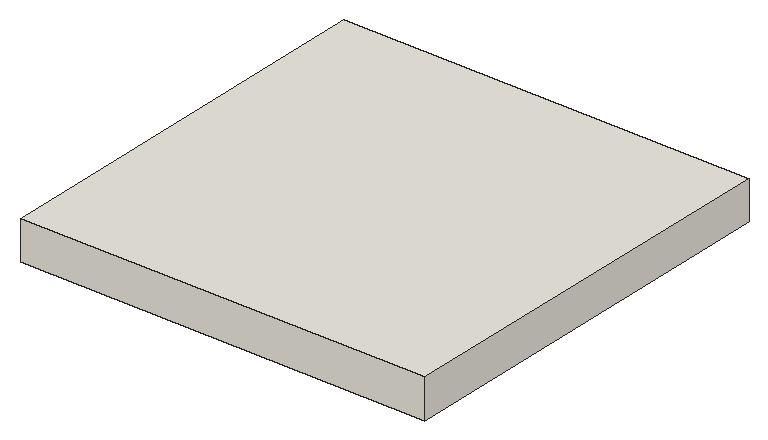
Revit family "UNIVERSAL", category Осветительные приборы, Revit 2019 (continued)
Types (12, lengths in mm): name | Файл фотометрической сетки | built-in parameter 1150105 | Lumens | built-in parameter 1150106 | built-in parameter 1150142 | Wattage | Emit from Rectangle Width | Emit from Rectangle Length | Длина | Ширина | ADSK_Ток | ADSK_Полная мощность | ADSK_Обозначение | ADSK_Номинальная мощность | ADSK_Наименование | ADSK_Код изделия
  CSVT Universal - 38/opal-sand 295х1195х55 (IP20, 4000К) с БАП на 1 час | "Светильник UNIVERSAL-38 OPAL-SAND-(295x1195).IES" | 262.61 (stored number, unit not read) | 3300 lm | 2.6261 (stored number, unit not read) | "IESNA:LM-63-95\r\n[TEST] Протокол № 50-12 \r\n[DATA] 20.06.2016\r\n[MORE] \r\n[MANUFAC] ЗАО \"Центрстройсвет\"\r\n[LUMCAT]  Светильник ALUMOGIPS-38/OPAL-SAND-(610x610)\r\n[LUMINAIRE]\r\n[LAMPCAT] Светодиоды\r\n[LAMP] Поток источника света (светодиодов) не известен\r\n[MORE] КСС приведена в абсолютных величинах кд\r\n[MORE] Вместо потока лампы, указан поток светильника.\r\nTILT=NONE\r\n1    3750 1.0 37 73 1 2 0.61 0.61 0.04\r\n1.0 1.0 38.7\r\n0.0 5.0 10.0 15.0 20.0 25.0 30.0 35.0 40.0 45.0 50.0 55.0 60.0 65.0 70.0 75.0 80.0 85.0 90.0 95.0 100.0 105.0 110.0 115.0 120.0 125.0 130.0 135.0 140.0 145.0 150.0 155.0 160.0 165.0 170.0 175.0 180.0\r\n0.0 5.0 10.0 15.0 20.0 25.0 30.0 35.0 40.0 45.0 50.0 55.0 60.0 65.0 70.0 75.0 80.0 85.0 90.0 95.0 100.0 105.0 110.0 115.0 120.0 125.0 130.0 135.0 140.0 145.0 150.0 155.0 160.0 165.0 170.0 175.0 180.0 185.0 190.0 195.0 200.0 205.0 210.0 215.0 220.0 225.0 230.0 235.0 240.0 245.0 250.0 255.0 260.0 265.0 270.0 275.0 280.0 285.0 290.0 295.0 300.0 305.0 310.0 315.0 320.0 325.0 330.0 335.0 340.0 345.0 350.0 355.0 360.0\r\n1391.4 1390.6 1365.7 1330.6 1277.5 1214.9 1147.5 1059.6 967.6 873.2 772.4 664.9 556.3 449.1 342.7 240.6 147.1 64.2 4.7 0.0 0.0 0.0 0.0 0.0 0.0 0.0 0.0 0.0 0.0 0.0 0.0 0.0 0.0 0.0 0.0 0.0 0.0\r\n1391.4 1390.5 1367.8 1332.7 1284.3 1221.3 1147.0 1062.1 969.2 872.4 773.2 666.3 557.1 450.1 343.8 241.9 146.9 64.7 5.2 0.0 0.0 0.0 0.0 0.0 0.0 0.0 0.0 0.0 0.0 0.0 0.0 0.0 0.0 0.0 0.0 0.0 0.0\r\n1391.4 1390.2 1372.0 1333.3 1277.3 1216.8 1144.5 1057.4 969.6 875.1 773.8 669.5 560.0 454.6 345.8 242.4 148.5 65.8 5.4 0.0 0.0 0.0 0.0 0.0 0.0 0.0 0.0 0.0 0.0 0.0 0.0 0.0 0.0 0.0 0.0 0.0 0.0\r\n1391.4 1389.8 1371.2 1330.7 1279.5 1220.5 1148.3 1059.9 967.7 873.2 767.5 666.8 561.4 453.0 347.1 243.7 149.9 65.6 5.8 0.0 0.0 0.0 0.0 0.0 0.0 0.0 0.0 0.0 0.0 0.0 0.0 0.0 0.0 0.0 0.0 0.0 0.0\r\n1391.4 1389.8 1368.3 1329.3 1285.0 1214.6 1141.1 1058.7 971.8 871.3 775.2 666.9 559.4 452.6 345.8 242.5 150.0 65.8 6.1 0.0 0.0 0.0 0.0 0.0 0.0 0.0 0.0 0.0 0.0 0.0 0.0 0.0 0.0 0.0 0.0 0.0 0.0\r\n1391.4 1390.5 1367.3 1332.3 1281.7 1219.0 1142.8 1064.6 970.5 874.4 772.1 667.5 560.2 453.0 346.2 241.8 149.4 65.7 5.6 0.0 0.0 0.0 0.0 0.0 0.0 0.0 0.0 0.0 0.0 0.0 0.0 0.0 0.0 0.0 0.0 0.0 0.0\r\n1391.4 1391.4 1368.1 1333.5 1277.3 1215.7 1139.0 1059.6 968.1 872.4 771.6 667.4 558.8 453.3 344.3 243.9 148.4 65.7 5.4 0.0 0.0 0.0 0.0 0.0 0.0 0.0 0.0 0.0 0.0 0.0 0.0 0.0 0.0 0.0 0.0 0.0 0.0\r\n1391.4 1391.7 1368.1 1330.4 1278.2 1213.9 1142.4 1061.6 967.4 875.1 772.0 669.3 561.1 452.5 345.2 242.1 148.3 65.4 5.5 0.0 0.0 0.0 0.0 0.0 0.0 0.0 0.0 0.0 0.0 0.0 0.0 0.0 0.0 0.0 0.0 0.0 0.0\r\n1391.4 1391.5 1371.0 1328.4 1278.5 1216.7 1142.1 1061.2 971.8 874.7 772.1 668.9 560.8 452.9 345.4 243.3 147.7 66.0 5.4 0.0 0.0 0.0 0.0 0.0 0.0 0.0 0.0 0.0 0.0 0.0 0.0 0.0 0.0 0.0 0.0 0.0 0.0\r\n1391.4 1391.5 1373.2 1330.5 1277.3 1215.5 1143.2 1063.6 967.0 872.7 772.2 669.4 558.9 453.2 346.6 241.9 148.1 65.2 5.5 0.0 0.0 0.0 0.0 0.0 0.0 0.0 0.0 0.0 0.0 0.0 0.0 0.0 0.0 0.0 0.0 0.0 0.0\r\n1391.4 1391.4 1369.7 1328.3 1281.3 1216.0 1139.8 1057.9 968.7 875.3 773.9 667.6 561.8 454.0 344.0 243.1 147.2 65.6 5.5 0.0 0.0 0.0 0.0 0.0 0.0 0.0 0.0 0.0 0.0 0.0 0.0 0.0 0.0 0.0 0.0 0.0 0.0\r\n1391.4 1390.5 1367.9 1330.1 1278.1 1218.1 1138.9 1061.0 970.0 871.8 770.4 669.3 560.2 453.4 346.9 242.1 148.3 65.2 5.2 0.0 0.0 0.0 0.0 0.0 0.0 0.0 0.0 0.0 0.0 0.0 0.0 0.0 0.0 0.0 0.0 0.0 0.0\r\n1391.4 1389.3 1368.2 1329.1 1280.8 1214.4 1142.5 1059.2 967.2 874.3 772.4 668.0 563.1 452.3 345.7 242.8 146.8 64.9 5.1 0.0 0.0 0.0 0.0 0.0 0.0 0.0 0.0 0.0 0.0 0.0 0.0 0.0 0.0 0.0 0.0 0.0 0.0\r\n1391.4 1388.6 1367.4 1327.8 1278.0 1215.7 1141.0 1061.0 971.5 877.3 771.2 667.3 561.5 453.0 346.4 242.4 146.3 64.8 5.2 0.0 0.0 0.0 0.0 0.0 0.0 0.0 0.0 0.0 0.0 0.0 0.0 0.0 0.0 0.0 0.0 0.0 0.0\r\n1391.4 1388.0 1367.6 1326.7 1278.3 1218.0 1140.9 1061.5 968.4 873.4 770.1 666.6 562.1 454.6 344.8 241.8 146.4 64.0 5.5 0.0 0.0 0.0 0.0 0.0 0.0 0.0 0.0 0.0 0.0 0.0 0.0 0.0 0.0 0.0 0.0 0.0 0.0\r\n1391.4 1387.2 1366.1 1331.0 1281.4 1216.3 1142.7 1059.1 969.4 871.5 772.2 667.3 560.5 453.0 344.4 242.2 146.4 63.8 5.6 0.0 0.0 0.0 0.0 0.0 0.0 0.0 0.0 0.0 0.0 0.0 0.0 0.0 0.0 0.0 0.0 0.0 0.0\r\n1391.4 1387.1 1366.3 1328.7 1276.9 1214.5 1141.2 1059.3 968.4 874.3 775.5 668.3 562.5 454.9 346.4 241.3 146.2 63.5 5.7 0.0 0.0 0.0 0.0 0.0 0.0 0.0 0.0 0.0 0.0 0.0 0.0 0.0 0.0 0.0 0.0 0.0 0.0\r\n1391.4 1388.4 1366.0 1329.7 1279.2 1217.9 1140.0 1060.5 969.0 873.9 772.0 671.3 560.4 453.2 343.7 241.7 145.8 63.7 5.4 0.0 0.0 0.0 0.0 0.0 0.0 0.0 0.0 0.0 0.0 0.0 0.0 0.0 0.0 0.0 0.0 0.0 0.0\r\n1391.4 1389.6 1367.7 1329.3 1277.2 1211.1 1140.1 1061.0 971.0 871.2 769.2 669.1 561.5 453.1 343.3 241.9 145.8 63.4 5.2 0.0 0.0 0.0 0.0 0.0 0.0 0.0 0.0 0.0 0.0 0.0 0.0 0.0 0.0 0.0 0.0 0.0 0.0\r\n1391.4 1388.8 1366.9 1327.1 1279.4 1214.2 1142.5 1056.4 970.7 870.3 771.0 665.1 560.4 453.3 343.8 241.1 145.7 63.4 5.2 0.0 0.0 0.0 0.0 0.0 0.0 0.0 0.0 0.0 0.0 0.0 0.0 0.0 0.0 0.0 0.0 0.0 0.0\r\n1391.4 1387.2 1365.8 1328.9 1276.6 1210.2 1141.4 1059.3 966.6 871.4 770.5 667.4 559.2 451.4 344.2 241.0 145.6 63.2 5.1 0.0 0.0 0.0 0.0 0.0 0.0 0.0 0.0 0.0 0.0 0.0 0.0 0.0 0.0 0.0 0.0 0.0 0.0\r\n1391.4 1386.8 1364.4 1329.8 1279.4 1213.7 1144.0 1059.0 965.3 873.7 768.8 668.9 559.4 449.5 342.6 241.5 144.6 63.4 5.0 0.0 0.0 0.0 0.0 0.0 0.0 0.0 0.0 0.0 0.0 0.0 0.0 0.0 0.0 0.0 0.0 0.0 0.0\r\n1391.4 1388.1 1365.8 1328.1 1273.8 1213.4 1137.9 1059.2 967.3 869.2 769.3 667.7 558.4 451.4 344.0 240.6 145.7 63.4 4.9 0.0 0.0 0.0 0.0 0.0 0.0 0.0 0.0 0.0 0.0 0.0 0.0 0.0 0.0 0.0 0.0 0.0 0.0\r\n1391.4 1389.2 1364.4 1323.2 1276.3 1213.8 1137.6 1055.3 963.1 871.0 767.7 664.1 559.7 447.1 342.4 240.1 145.2 63.9 5.1 0.0 0.0 0.0 0.0 0.0 0.0 0.0 0.0 0.0 0.0 0.0 0.0 0.0 0.0 0.0 0.0 0.0 0.0\r\n1391.4 1388.4 1362.3 1326.8 1274.4 1212.2 1137.9 1054.7 966.7 867.9 768.7 663.4 557.3 449.2 343.3 240.0 145.7 63.6 5.0 0.0 0.0 0.0 0.0 0.0 0.0 0.0 0.0 0.0 0.0 0.0 0.0 0.0 0.0 0.0 0.0 0.0 0.0\r\n1391.4 1386.2 1361.8 1326.5 1273.3 1211.2 1134.5 1048.6 964.3 866.3 767.8 662.9 556.7 449.5 341.9 239.8 145.7 63.7 5.0 0.0 0.0 0.0 0.0 0.0 0.0 0.0 0.0 0.0 0.0 0.0 0.0 0.0 0.0 0.0 0.0 0.0 0.0\r\n1391.4 1384.4 1363.5 1324.4 1272.0 1209.5 1137.2 1053.0 960.2 867.5 767.9 662.7 556.7 449.2 342.5 239.1 146.2 63.8 4.8 0.0 0.0 0.0 0.0 0.0 0.0 0.0 0.0 0.0 0.0 0.0 0.0 0.0 0.0 0.0 0.0 0.0 0.0\r\n1391.4 1383.7 1362.4 1324.4 1274.0 1209.5 1134.4 1050.1 965.4 864.9 764.6 662.3 556.6 447.9 340.5 240.3 145.5 64.6 4.6 0.0 0.0 0.0 0.0 0.0 0.0 0.0 0.0 0.0 0.0 0.0 0.0 0.0 0.0 0.0 0.0 0.0 0.0\r\n1391.4 1384.4 1361.9 1326.9 1270.2 1207.3 1132.7 1050.1 959.7 867.7 763.1 662.2 555.0 447.3 343.0 238.3 145.8 63.9 4.7 0.0 0.0 0.0 0.0 0.0 0.0 0.0 0.0 0.0 0.0 0.0 0.0 0.0 0.0 0.0 0.0 0.0 0.0\r\n1391.4 1385.1 1363.0 1320.0 1270.4 1207.9 1134.4 1055.0 963.5 867.3 766.7 660.7 555.9 450.1 342.6 240.2 145.9 64.3 4.9 0.0 0.0 0.0 0.0 0.0 0.0 0.0 0.0 0.0 0.0 0.0 0.0 0.0 0.0 0.0 0.0 0.0 0.0\r\n1391.4 1384.9 1362.3 1321.4 1273.1 1208.0 1135.4 1052.3 961.9 865.0 764.0 660.8 553.5 447.6 341.2 240.3 146.1 63.8 4.8 0.0 0.0 0.0 0.0 0.0 0.0 0.0 0.0 0.0 0.0 0.0 0.0 0.0 0.0 0.0 0.0 0.0 0.0\r\n1391.4 1383.8 1361.2 1322.1 1265.1 1211.5 1132.8 1049.3 961.3 863.4 764.0 661.0 550.7 447.9 341.0 240.1 146.2 63.8 4.6 0.0 0.0 0.0 0.0 0.0 0.0 0.0 0.0 0.0 0.0 0.0 0.0 0.0 0.0 0.0 0.0 0.0 0.0\r\n1391.4 1382.8 1359.3 1321.5 1269.3 1206.8 1132.8 1051.1 958.3 863.2 763.1 662.7 553.4 448.0 340.4 240.0 145.8 63.8 4.0 0.0 0.0 0.0 0.0 0.0 0.0 0.0 0.0 0.0 0.0 0.0 0.0 0.0 0.0 0.0 0.0 0.0 0.0\r\n1391.4 1382.6 1359.0 1319.6 1268.1 1204.3 1129.8 1049.0 957.7 861.8 761.7 658.4 554.2 446.1 340.4 239.0 145.6 63.8 3.8 0.0 0.0 0.0 0.0 0.0 0.0 0.0 0.0 0.0 0.0 0.0 0.0 0.0 0.0 0.0 0.0 0.0 0.0\r\n1391.4 1382.8 1358.5 1315.8 1266.5 1202.1 1128.5 1049.2 957.6 860.0 762.1 658.2 549.9 443.8 339.6 238.4 145.7 63.6 3.7 0.0 0.0 0.0 0.0 0.0 0.0 0.0 0.0 0.0 0.0 0.0 0.0 0.0 0.0 0.0 0.0 0.0 0.0\r\n1391.4 1382.2 1360.5 1319.2 1265.9 1204.5 1129.9 1046.9 955.0 862.9 758.9 657.9 552.5 444.9 338.9 238.8 145.3 63.6 3.3 0.0 0.0 0.0 0.0 0.0 0.0 0.0 0.0 0.0 0.0 0.0 0.0 0.0 0.0 0.0 0.0 0.0 0.0\r\n1391.4 1381.1 1361.2 1321.0 1268.1 1203.8 1128.8 1047.4 955.6 863.7 761.1 656.4 551.5 445.2 339.2 238.5 144.7 62.5 3.5 0.0 0.0 0.0 0.0 0.0 0.0 0.0 0.0 0.0 0.0 0.0 0.0 0.0 0.0 0.0 0.0 0.0 0.0\r\n1391.4 1380.6 1359.0 1316.4 1268.5 1204.0 1126.1 1049.5 956.2 859.6 759.7 656.5 549.2 444.3 338.4 236.1 143.8 61.6 3.2 0.0 0.0 0.0 0.0 0.0 0.0 0.0 0.0 0.0 0.0 0.0 0.0 0.0 0.0 0.0 0.0 0.0 0.0\r\n1391.4 1380.7 1356.6 1316.0 1267.0 1205.6 1130.3 1044.8 956.9 856.7 759.3 653.5 548.1 441.9 335.3 235.4 141.4 60.3 2.9 0.0 0.0 0.0 0.0 0.0 0.0 0.0 0.0 0.0 0.0 0.0 0.0 0.0 0.0 0.0 0.0 0.0 0.0\r\n1391.4 1380.4 1354.4 1317.9 1268.8 1199.0 1129.0 1044.0 956.9 860.6 758.3 656.9 549.1 442.0 334.4 236.1 141.7 60.5 2.6 0.0 0.0 0.0 0.0 0.0 0.0 0.0 0.0 0.0 0.0 0.0 0.0 0.0 0.0 0.0 0.0 0.0 0.0\r\n1391.4 1380.1 1356.7 1322.1 1264.6 1201.7 1129.9 1047.4 957.2 859.7 758.2 656.1 549.4 442.8 335.3 235.8 141.3 60.6 2.3 0.0 0.0 0.0 0.0 0.0 0.0 0.0 0.0 0.0 0.0 0.0 0.0 0.0 0.0 0.0 0.0 0.0 0.0\r\n1391.4 1379.9 1357.3 1317.5 1265.9 1207.8 1129.2 1046.5 955.7 860.2 758.6 656.9 550.7 441.9 335.4 233.9 140.6 60.2 2.4 0.0 0.0 0.0 0.0 0.0 0.0 0.0 0.0 0.0 0.0 0.0 0.0 0.0 0.0 0.0 0.0 0.0 0.0\r\n1391.4 1379.2 1355.5 1314.6 1269.3 1203.7 1133.5 1044.8 957.2 857.9 762.0 656.6 548.7 440.4 335.9 234.5 140.4 59.8 2.8 0.0 0.0 0.0 0.0 0.0 0.0 0.0 0.0 0.0 0.0 0.0 0.0 0.0 0.0 0.0 0.0 0.0 0.0\r\n1391.4 1377.9 1357.1 1319.2 1271.9 1204.4 1128.6 1050.2 953.1 856.9 757.6 653.7 548.9 439.9 335.4 232.4 140.5 59.2 3.0 0.0 0.0 0.0 0.0 0.0 0.0 0.0 0.0 0.0 0.0 0.0 0.0 0.0 0.0 0.0 0.0 0.0 0.0\r\n1391.4 1377.2 1356.3 1322.9 1266.0 1204.8 1132.2 1049.0 958.1 859.3 759.0 654.6 547.0 441.6 334.9 232.1 139.3 58.8 2.9 0.0 0.0 0.0 0.0 0.0 0.0 0.0 0.0 0.0 0.0 0.0 0.0 0.0 0.0 0.0 0.0 0.0 0.0\r\n1391.4 1377.8 1353.8 1319.7 1269.6 1207.9 1135.8 1049.5 955.8 858.0 762.4 655.9 548.2 441.6 335.6 231.7 139.4 58.8 2.8 0.0 0.0 0.0 0.0 0.0 0.0 0.0 0.0 0.0 0.0 0.0 0.0 0.0 0.0 0.0 0.0 0.0 0.0\r\n1391.4 1378.5 1355.2 1319.8 1267.3 1206.5 1131.2 1046.1 954.6 861.2 756.6 653.8 548.1 440.3 335.0 232.6 138.6 59.0 2.9 0.0 0.0 0.0 0.0 0.0 0.0 0.0 0.0 0.0 0.0 0.0 0.0 0.0 0.0 0.0 0.0 0.0 0.0\r\n1391.4 1378.6 1355.1 1318.3 1269.7 1200.8 1133.1 1049.0 957.6 862.5 762.4 656.9 549.3 443.5 334.7 231.2 138.8 58.1 3.0 0.0 0.0 0.0 0.0 0.0 0.0 0.0 0.0 0.0 0.0 0.0 0.0 0.0 0.0 0.0 0.0 0.0 0.0\r\n1391.4 1378.8 1355.8 1321.7 1268.8 1210.0 1129.0 1048.5 958.8 862.4 762.2 656.4 549.0 441.1 335.4 231.5 138.5 58.1 3.0 0.0 0.0 0.0 0.0 0.0 0.0 0.0 0.0 0.0 0.0 0.0 0.0 0.0 0.0 0.0 0.0 0.0 0.0\r\n1391.4 1379.6 1357.6 1321.7 1269.0 1207.1 1133.9 1047.0 964.1 863.3 761.9 656.4 551.5 440.7 334.9 232.2 137.6 58.1 2.8 0.0 0.0 0.0 0.0 0.0 0.0 0.0 0.0 0.0 0.0 0.0 0.0 0.0 0.0 0.0 0.0 0.0 0.0\r\n1391.4 1380.6 1357.7 1319.2 1272.0 1207.5 1131.3 1054.6 959.0 863.3 764.8 655.9 549.1 443.0 335.1 231.3 138.0 58.1 2.7 0.0 0.0 0.0 0.0 0.0 0.0 0.0 0.0 0.0 0.0 0.0 0.0 0.0 0.0 0.0 0.0 0.0 0.0\r\n1391.4 1381.5 1358.5 1321.9 1271.0 1204.1 1135.9 1055.8 962.5 865.5 761.1 656.9 550.6 442.0 335.3 231.9 137.4 57.9 2.6 0.0 0.0 0.0 0.0 0.0 0.0 0.0 0.0 0.0 0.0 0.0 0.0 0.0 0.0 0.0 0.0 0.0 0.0\r\n1391.4 1381.3 1358.5 1322.3 1270.8 1207.2 1133.7 1051.9 958.0 867.3 767.5 657.0 552.1 442.3 333.6 231.2 137.9 57.8 2.6 0.0 0.0 0.0 0.0 0.0 0.0 0.0 0.0 0.0 0.0 0.0 0.0 0.0 0.0 0.0 0.0 0.0 0.0\r\n1391.4 1380.6 1359.4 1319.7 1270.6 1209.0 1133.0 1052.1 963.9 867.5 764.1 660.0 554.0 443.3 334.8 231.7 137.6 57.8 2.7 0.0 0.0 0.0 0.0 0.0 0.0 0.0 0.0 0.0 0.0 0.0 0.0 0.0 0.0 0.0 0.0 0.0 0.0\r\n1391.4 1381.3 1359.9 1321.3 1270.6 1204.8 1135.0 1051.3 962.1 865.5 761.7 660.3 553.1 443.5 334.1 231.9 137.9 57.8 2.8 0.0 0.0 0.0 0.0 0.0 0.0 0.0 0.0 0.0 0.0 0.0 0.0 0.0 0.0 0.0 0.0 0.0 0.0\r\n1391.4 1383.1 1362.1 1324.8 1273.8 1208.7 1134.8 1055.9 961.8 866.4 762.3 659.7 552.4 443.7 334.4 232.8 138.0 58.0 2.8 0.0 0.0 0.0 0.0 0.0 0.0 0.0 0.0 0.0 0.0 0.0 0.0 0.0 0.0 0.0 0.0 0.0 0.0\r\n1391.4 1384.6 1360.4 1321.7 1272.0 1210.6 1130.9 1052.5 963.1 866.7 767.4 659.3 553.7 444.6 335.4 233.1 138.3 58.0 2.8 0.0 0.0 0.0 0.0 0.0 0.0 0.0 0.0 0.0 0.0 0.0 0.0 0.0 0.0 0.0 0.0 0.0 0.0\r\n1391.4 1385.6 1357.5 1324.7 1273.9 1211.6 1134.3 1052.7 963.6 865.4 763.1 658.7 552.2 444.9 336.9 232.8 138.8 58.6 2.9 0.0 0.0 0.0 0.0 0.0 0.0 0.0 0.0 0.0 0.0 0.0 0.0 0.0 0.0 0.0 0.0 0.0 0.0\r\n1391.4 1386.4 1357.8 1323.4 1273.2 1212.2 1136.3 1054.7 967.5 867.5 764.0 659.4 553.3 443.7 336.8 233.2 138.9 58.5 3.1 0.0 0.0 0.0 0.0 0.0 0.0 0.0 0.0 0.0 0.0 0.0 0.0 0.0 0.0 0.0 0.0 0.0 0.0\r\n1391.4 1386.6 1362.0 1324.9 1273.2 1211.3 1139.0 1049.9 960.3 866.4 768.0 661.3 552.2 443.4 336.3 233.4 139.8 58.9 3.1 0.0 0.0 0.0 0.0 0.0 0.0 0.0 0.0 0.0 0.0 0.0 0.0 0.0 0.0 0.0 0.0 0.0 0.0\r\n1391.4 1386.0 1360.5 1326.0 1271.8 1212.0 1137.2 1059.3 963.5 867.6 766.9 661.2 552.3 445.8 337.8 233.6 141.0 59.2 3.3 0.0 0.0 0.0 0.0 0.0 0.0 0.0 0.0 0.0 0.0 0.0 0.0 0.0 0.0 0.0 0.0 0.0 0.0\r\n1391.4 1385.0 1362.3 1325.1 1272.0 1207.1 1138.5 1053.6 964.5 865.8 766.5 661.6 554.3 445.9 337.0 234.5 140.4 60.2 3.5 0.0 0.0 0.0 0.0 0.0 0.0 0.0 0.0 0.0 0.0 0.0 0.0 0.0 0.0 0.0 0.0 0.0 0.0\r\n1391.4 1384.4 1361.8 1323.6 1274.0 1214.8 1138.9 1053.9 968.0 867.9 769.0 663.8 555.6 446.7 339.6 235.0 141.3 60.4 3.4 0.0 0.0 0.0 0.0 0.0 0.0 0.0 0.0 0.0 0.0 0.0 0.0 0.0 0.0 0.0 0.0 0.0 0.0\r\n1391.4 1385.0 1360.9 1322.2 1272.4 1209.8 1137.2 1055.7 962.7 869.7 769.6 658.2 556.6 447.4 338.5 236.2 142.5 60.7 3.4 0.0 0.0 0.0 0.0 0.0 0.0 0.0 0.0 0.0 0.0 0.0 0.0 0.0 0.0 0.0 0.0 0.0 0.0\r\n1391.4 1386.6 1363.1 1323.6 1272.5 1211.5 1139.2 1058.4 969.9 868.0 768.8 664.6 556.3 445.8 342.1 236.1 142.3 61.2 3.5 0.0 0.0 0.0 0.0 0.0 0.0 0.0 0.0 0.0 0.0 0.0 0.0 0.0 0.0 0.0 0.0 0.0 0.0\r\n1391.4 1388.6 1360.9 1330.2 1273.7 1213.2 1138.7 1058.3 966.2 867.0 766.8 663.4 553.3 447.1 339.2 238.7 143.0 61.4 3.8 0.0 0.0 0.0 0.0 0.0 0.0 0.0 0.0 0.0 0.0 0.0 0.0 0.0 0.0 0.0 0.0 0.0 0.0\r\n1391.4 1389.8 1360.8 1328.4 1276.8 1216.0 1140.1 1055.8 963.1 870.3 768.4 663.1 554.0 449.1 340.1 237.3 144.8 61.7 3.8 0.0 0.0 0.0 0.0 0.0 0.0 0.0 0.0 0.0 0.0 0.0 0.0 0.0 0.0 0.0 0.0 0.0 0.0\r\n1391.4 1389.3 1362.5 1325.9 1278.0 1210.4 1138.2 1054.7 967.8 872.7 770.2 661.9 556.5 446.9 341.3 237.7 144.4 62.5 3.9 0.0 0.0 0.0 0.0 0.0 0.0 0.0 0.0 0.0 0.0 0.0 0.0 0.0 0.0 0.0 0.0 0.0 0.0\r\n1391.4 1387.8 1365.8 1326.6 1274.3 1213.2 1141.4 1053.1 966.2 871.2 768.4 663.7 555.0 447.1 341.3 238.2 144.3 62.7 4.1 0.0 0.0 0.0 0.0 0.0 0.0 0.0 0.0 0.0 0.0 0.0 0.0 0.0 0.0 0.0 0.0 0.0 0.0\r\n1391.4 1387.2 1364.2 1328.3 1274.8 1209.4 1145.0 1060.0 963.9 867.5 766.5 663.4 556.7 448.2 340.9 240.3 144.7 63.3 4.0 0.0 0.0 0.0 0.0 0.0 0.0 0.0 0.0 0.0 0.0 0.0 0.0 0.0 0.0 0.0 0.0 0.0 0.0\r\n1391.4 1388.4 1364.9 1332.6 1279.0 1215.6 1140.9 1056.3 969.3 867.1 770.0 663.8 559.0 449.0 342.4 240.3 145.7 63.3 4.7 0.0 0.0 0.0 0.0 0.0 0.0 0.0 0.0 0.0 0.0 0.0 0.0 0.0 0.0 0.0 0.0 0.0 0.0\r\n1391.4 1390.0 1364.5 1329.3 1281.4 1217.7 1141.3 1063.3 970.3 871.1 768.8 663.5 555.2 449.3 342.4 239.8 146.6 63.3 4.9 0.0 0.0 0.0 0.0 0.0 0.0 0.0 0.0 0.0 0.0 0.0 0.0 0.0 0.0 0.0 0.0 0.0 0.0\r\n1391.4 1390.6 1365.7 1330.6 1277.5 1214.9 1147.5 1059.6 967.6 873.2 772.4 664.9 556.3 449.1 342.7 240.6 147.1 64.2 4.7 0.0 0.0 0.0 0.0 0.0 0.0 0.0 0.0 0.0 0.0 0.0 0.0 0.0 0.0 0.0 0.0 0.0 0.0\r\n" | 22.2159 W | 255 | 1155 | 1195 | 295 | 0.179584 A | 41.3043 VA | "CSVT Universal - 38/opal-sand 295х1195х55 (IP20, 4000К)" | 38 W | "Универсальный светодиодный светильник CSVT Universal - 38/opal-sand 295х1195х55 (IP20, 4000К) с БАП на 1 час" | "ЦБ00000
    7926"
